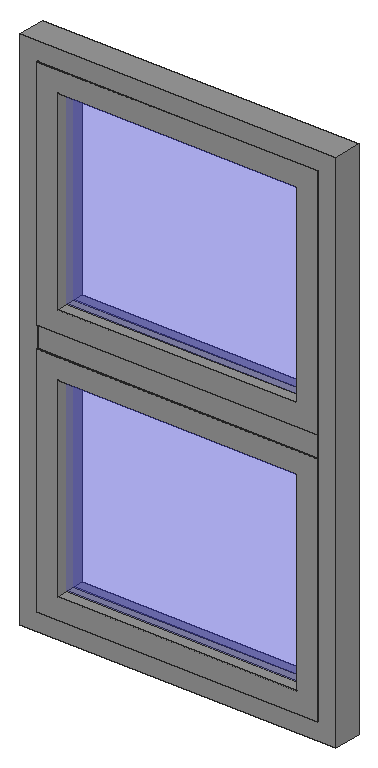
Revit family "Family16", category Windows, host Wall, Revit 2018
Family settings
  Host = Wall
  OmniClass Number = 23.30.20.00
  OmniClass Title = Windows
  Always vertical = Yes
  Cut with Voids When Loaded = No
  Shared = No
  Room Calculation Point = No
Parameters
  Window Thickness = 84 mm
  Window = White
  Visual Light Transmittance = 0.81
  URL = "www.skywardwindows.co.za"
  Thermal Resistance (R) = 0.3196 (m²·K)/W
  Telephone = "021 276 1800"
  Solar Heat Gain Coefficient = 0.76
  Manufacturer = "Skyward Windows"
  Keynote = ""
  Height = 1490 mm
  Heat Transfer Coefficient (U) = 3.1292 W/(m²·K)
  Glass = Glass
  Email Address = "info@skywardwindows.co.za"
  Default Sill Height = 800 mm
  Wall Closure = By host
  Width = 890 mm
  Company Address = "Charles Matthews Street Atlantis 7349"
  Analytic Construction = "Double glazing - domestic"
Reference planes
  plane 1 "Center (Front/Back)": y = 0
  plane 2 "Center (Left/Right)": x = 0
  plane 3 "Left": x = -445
  plane 4 "Right": x = 445
  plane 5 "Sill": z = 800
  plane 6 "Head": z = 2290
  plane 7 "Exterior": y = 100
  plane 8 "Interior": y = -100
Forms (mm)
  Extrusion 1, solid, material "White" <- "Window"
    sketch origin (0, -100, 0) x (1, 0, 0) y (0, 0, 1)
      loop
        line (-445, 2290) -> (-445, 800) -> (445, 800) -> (445, 2290) -> (-445, 2290)
      loop
        line (-395, 850) -> (395, 850) -> (395, 2240) -> (-395, 2240) -> (-395, 850)
    from -140 to -60
  Extrusion 2, solid, material "White" <- "Window"
    sketch origin (0, -100, 0) x (1, 0, 0) y (0, 0, 1)
      loop
        line (-336, 909) -> (336, 909) -> (336, 1456) -> (-336, 1456) -> (-336, 909)
      loop
        line (-395, 1515) -> (-395, 850) -> (395, 850) -> (395, 1515) -> (-395, 1515)
      loop
        line (-395, 2240) -> (-395, 1575) -> (395, 1575) -> (395, 2240) -> (-395, 2240)
      loop
        line (-336, 1634) -> (336, 1634) -> (336, 2181) -> (-336, 2181) -> (-336, 1634)
    from -142 to -58
  Extrusion 3, solid, material "White" <- "Window"
    sketch origin (0, -100, 30) x (1, 0, 0) y (0, 0, 1)
      loop
        line (-395, 1545) -> (-395, 1485) -> (395, 1485) -> (395, 1545) -> (-395, 1545)
    from -140 to -60
  Extrusion 4, solid, material "Glass" <- "Glass"
    sketch origin (0, 0, 0) x (1, 0, 0) y (0, 1, 0)
      loop
        line (-336, -10) -> (-336, -14) -> (336, -14) -> (336, -10) -> (-336, -10)
      loop
        line (-336, 14) -> (-336, 10) -> (336, 10) -> (336, 14) -> (-336, 14)
    from 909 to 1486
  Extrusion 5, solid, material "Glass" <- "Glass"
    sketch origin (0, 0, 575) x (1, 0, 0) y (0, 1, 0)
      loop
        line (-336, -10) -> (-336, -14) -> (336, -14) -> (336, -10) -> (-336, -10)
      loop
        line (-336, 14) -> (-336, 10) -> (336, 10) -> (336, 14) -> (-336, 14)
    from 1059 to 1606
Lines and regions (mm)
  Opening 1
    outline origin (3500, -100, 0) x (1, 0, 0) y (0, 0, 1)
      loop
        line (-3055, 800) -> (-3055, 2290) -> (-3945, 2290) -> (-3945, 800) -> (-3055, 800)
  model lines
    curve 1: line (0, 0, 0) -> (0, 10, 0)
    curve 2: line (0, 10, 0) -> (0, -10, 0)
    curve 3: line (-445, -100, 3035) -> (445, -100, 3035)
Text (mm)
  text "EXTERIOR" at (-1963.203, 1332.353, 0), in view "Ref. Level"
  text "INTERIOR" at (-1981.466, -818.386, 0), in view "Ref. Level"
  text "Exterior" at (0, 923.751, 2943.296), in view "Right"
  text "Exterior" at (0, 1040.484, 2685.409), in view "Left"
Dimensions and locks
  equal spacing: plane 3 "Left", plane 2 "Center (Left/Right)", plane 4 "Right"
  "Width": plane 3 "Left" to plane 4 "Right"
  "Height": plane 5 "Sill" to plane 6 "Head"
  "Default Sill Height": plane 5 "Sill" to level
  locked: plane 7 "Exterior" to host wall at 0
  locked: plane 8 "Interior" to host wall
  "Window Thickness": Extrusion 2 to Extrusion 2
  aligned and locked: Extrusion 1 sketch curve to host wall  (x4)
Automatic sketch dimensions
  plane 3 "Left" to Opening 1 sketch curve = 0 mm
  plane 4 "Right" to Opening 1 sketch curve = 0 mm
  Opening 1 sketch curve to plane 5 "Sill" = 0 mm
  Opening 1 sketch curve to plane 6 "Head" = 0 mm
  Extrusion 1 sketch curve to plane 3 "Left" = 50 mm
  plane 4 "Right" to Extrusion 1 sketch curve = 50 mm
  Extrusion 1 sketch curve to plane 5 "Sill" = 50 mm
  plane 6 "Head" to Extrusion 1 sketch curve = 50 mm
  Extrusion 2 sketch curve to plane 3 "Left" = 50 mm  (x2)
  Extrusion 2 sketch curve to Extrusion 2 sketch curve = 59 mm  (x5)
  plane 4 "Right" to Extrusion 2 sketch curve = 109 mm  (x2)
  plane 4 "Right" to Extrusion 2 sketch curve = 50 mm  (x2)
  Extrusion 2 sketch curve to plane 5 "Sill" = 50 mm
  Extrusion 2 sketch curve to Extrusion 2 sketch curve = 547 mm
  Extrusion 2 sketch curve to Extrusion 2 sketch curve = 60 mm
  plane 6 "Head" to Extrusion 2 sketch curve = 109 mm
  plane 6 "Head" to Extrusion 2 sketch curve = 50 mm
  Extrusion 3 sketch curve to plane 3 "Left" = 50 mm
  plane 4 "Right" to Extrusion 3 sketch curve = 50 mm
  Extrusion 3 sketch curve to plane 5 "Sill" = 715 mm
  Extrusion 3 sketch curve to Extrusion 3 sketch curve = 60 mm
  curve 1 to plane 2 "Center (Left/Right)" = 0 mm
  host wall to curve 1 = 0 mm
  curve 2 to host wall = 10 mm
  host wall to curve 2 = 10 mm
  host wall to Extrusion 4 sketch curve = 10 mm
  Extrusion 4 sketch curve to plane 3 "Left" = 109 mm
  Extrusion 4 sketch curve to Extrusion 4 sketch curve = 0 mm  (x2)
  host wall to Extrusion 4 sketch curve = 14 mm
  plane 4 "Right" to Extrusion 4 sketch curve = 109 mm
  Extrusion 4 sketch curve to host wall = 10 mm
  Extrusion 4 sketch curve to Extrusion 4 sketch curve = 4 mm
  host wall to Extrusion 5 sketch curve = 10 mm
  Extrusion 5 sketch curve to plane 3 "Left" = 109 mm
  Extrusion 5 sketch curve to Extrusion 5 sketch curve = 0 mm  (x2)
  host wall to Extrusion 5 sketch curve = 14 mm
  plane 4 "Right" to Extrusion 5 sketch curve = 109 mm
  Extrusion 5 sketch curve to host wall = 10 mm
  Extrusion 5 sketch curve to Extrusion 5 sketch curve = 4 mm
  plane 3 "Left" to curve 3 = 0 mm
  plane 4 "Right" to curve 3 = 0 mm
  curve 3 to plane 6 "Head" = 745 mm
